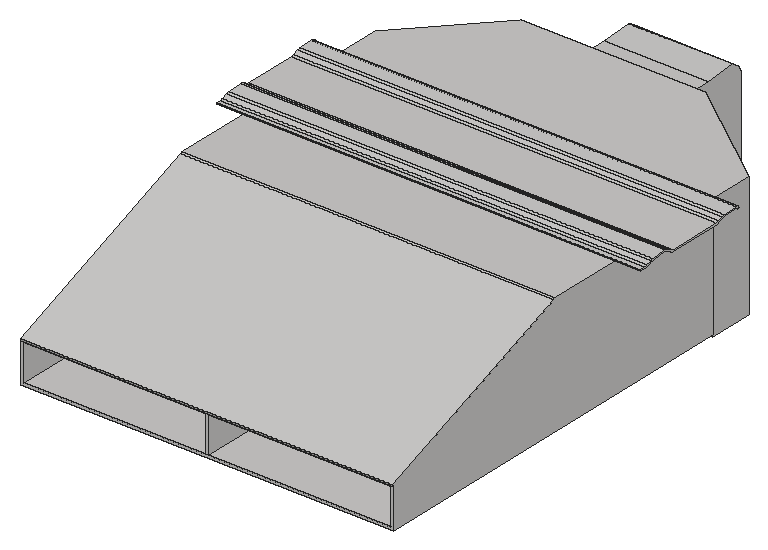
Revit family "HARMANN - INDUFLOW 250", category Mechanical Equipment, Revit 2022
Family settings
  Round Connector Dimension = Use Diameter
  Part Type = Normal
  OmniClass Number = 23.75.00.00
  OmniClass Title = Climate Control (HVAC)
  Work Plane-Based = No
  Always vertical = No
  Cut with Voids When Loaded = No
  Maintain Annotation Orientation = No
  Shared = No
  Room Calculation Point = No
Parameters (values of type "INDUFLOW 250 EC1")
  c = 81.00 mm
  b = 106.50 mm
  a = 74.50 mm
  Zasilanie natężenie maksymalne Imax = 1.4 A
  Zasilanie napięcie nominalne Unom = 230 V
  Zasilanie Rodzaj Sterowania = "Sterowanie napięciem 0-10V"
  Zasilanie Moc maksymalna Pmax = 168 W
  Zasilanie Częstotliwość Nominalna = 50 Hz
  Wyłącznik serwisowy = "AS"
  Temperatura maksymalna Tmax = 50 °C
  Siła ciągu F = 6.60 N
  Powietrze Przepływ Maksymalny Qmax = 980 m³/h
  Potencjometr = "MTP 10 / MTV-010/ MTP 40"
  Obroty maksymalne nmax = 2600.000 RPM
  N1 = 1 mm
  Manufacturer = "Harmann Polska Sp. z o.o."  # constant formula
  Lookup Table Name = "INDUFLOW_ 250 EC"
  K = size_lookup(Lookup Table Name, "K", 1.00 mm, N1)  # 578.00 mm
  Ilość faz = 1
  H = size_lookup(Lookup Table Name, "H", 1.00 mm, N1)  # 5.00 mm
  G = size_lookup(Lookup Table Name, "G", 1.00 mm, N1)  # 80.50 mm
  Numer artykułu = size_lookup(Lookup Table Name, "Numer artykułu", "n/a", N1)  # "16602800"
  Model = "INDUFLOW 250 EC"
  Masa = 6.50 kg
  F = size_lookup(Lookup Table Name, "F", 1.00 mm, N1)  # 407.00 mm
  EC3 = no
  EC1 i EC2 = not(EC3)  # yes
  Description = "Strumieniowy wentylator typu „jet” przeznaczony do pracy w systemach wentylacji bytowej garaży."
  Default Elevation = 0.00 mm
  E = size_lookup(Lookup Table Name, "E", 1.00 mm, N1)  # 383.00 mm
  Ciśnienie akustyczne nominalne Lpa = "60.0 dB(A)"
  C = size_lookup(Lookup Table Name, "C", 1.00 mm, N1)  # 121.00 mm
  B = size_lookup(Lookup Table Name, "B", 1.00 mm, N1)  # 357.00 mm
  Autor = "https://www.archispace.com/"
  A = size_lookup(Lookup Table Name, "A", 1.00 mm, N1)  # 507.00 mm
Types (4, lengths in mm): name | c | b | a | Zasilanie natężenie maksymalne Imax | Zasilanie Moc maksymalna Pmax | Siła ciągu F | Powietrze Przepływ Maksymalny Qmax | N1 | Numer artykułu | Masa | F | EC3 | EC1 i EC2 | E | Ciśnienie akustyczne nominalne Lpa | B
  (no name) | 81.00 | 106.50 | 74.50 | 1.4 A | 168 W | 6.60 N | 980 m³/h | 1 | "16602800" | 6.50 kg | 407.00 | no | yes | 383.00 | "60.0 dB(A)" | 357.00
  INDUFLOW 250 EC1 | 81.00 | 106.50 | 74.50 | 1.4 A | 168 W | 6.60 N | 980 m³/h | 1 | "16602800" | 6.50 kg | 407.00 | no | yes | 383.00 | "60.0 dB(A)" | 357.00
  INDUFLOW 250 EC2 | 95.00 | 96.50 | 106.50 | 2.7 A | 339 W | 13.00 N | 1930 m³/h | 2 | "16581800" | 12.30 kg | 752.00 | no | yes | 728.00 | "62.0 dB(A)" | 702.00
  INDUFLOW 250 EC3 | 95.00 | 96.50 | 106.50 | 4 A | 502 W | 13.00 N | 3020 m³/h | 3 | "16598500" | 18.30 kg | 1103.00 | yes | no | 1079.00 | "60.0 dB(A)" | 1053.00
Reference planes
  plane 1 "Center (Front/Back)": y = 0
  plane 2: z = 0
  plane 3 "Center (Left/Right)": x = 0
  plane 4: x = -203.5
  plane 5: x = 203.5
  plane 6: z = 121
  plane 7: y = -578
  plane 8: z = 39
  plane 9: x = -178.5
  plane 10: x = 178.5
  plane 11: x = -176
  plane 12: x = 176
  plane 13: y = -71
  plane 14: x = 50
  plane 15: x = -50
  plane 16: x = -244.5
  plane 17: x = 244.5
  plane 18: x = -104
  plane 19: x = 72
  plane 20: y = -152
  plane 21: y = -195
  plane 22: x = -170
  plane 23: x = 180
  plane 24: y = -20
Forms (mm)
  Sweep 1, solid, material "HARMANN - Stal Galwanizowana", detail levels medium+fine
    path origin (0, 0, 0) x (1, 0, 0) y (0, 1, 0)
      loop
        line (203.5, 0) -> (-203.5, 0)
    profile origin (0, 0, 0) x (0, -1, 0) y (0, 0, 1)
      loop
        line (311.767, 117.6) -> (309.14, 117.6) -> (306.767, 117.6)
        arc (306.767, 117.6) -> (305.475, 117.769) -> (304.269, 118.263) r 5.035
        line (304.269, 118.263) -> (299.322, 119.938)
        arc (299.322, 119.938) -> (298.118, 120.432) -> (296.827, 120.6) r 5.035
        line (296.827, 120.6) -> (283.001, 121.6)
        arc (283.001, 121.6) -> (281.452, 121.398) -> (280.007, 120.805) r 6.035
        line (280.007, 120.805) -> (275.56, 118.263)
        arc (275.56, 118.263) -> (274.354, 117.769) -> (273.062, 117.6) r 5.035
        line (273.062, 117.6) -> (221.267, 117.6)
        arc (221.267, 117.6) -> (219.975, 117.769) -> (218.769, 118.263) r 5.035
        line (218.769, 118.263) -> (213.825, 119.937)
        arc (213.825, 119.937) -> (212.619, 120.431) -> (211.327, 120.6) r 5.035
        line (211.327, 120.6) -> (197.464, 121.6)
        arc (197.464, 121.6) -> (195.838, 120.926) -> (195.164, 119.3) r 2.3
        line (195.164, 119.3) -> (196.164, 119.3)
        arc (196.164, 119.3) -> (196.534, 120.208) -> (197.433, 120.6) r 1.3
        line (197.433, 120.6) -> (211.314, 119.602)
        arc (211.314, 119.602) -> (212.397, 119.454) -> (213.401, 119.021) r 4.038
        line (213.401, 119.021) -> (218.361, 117.346)
        arc (218.361, 117.346) -> (219.767, 116.789) -> (221.267, 116.6) r 6.035
        line (221.267, 116.6) -> (273.062, 116.6)
        arc (273.062, 116.6) -> (274.611, 116.802) -> (276.056, 117.395) r 6.035
        line (276.056, 117.395) -> (280.503, 119.937)
        arc (280.503, 119.937) -> (281.692, 120.427) -> (282.967, 120.6) r 5.035
        line (282.967, 120.6) -> (296.793, 119.6)
        arc (296.793, 119.6) -> (297.889, 119.458) -> (298.905, 119.024) r 4.035
        line (298.905, 119.024) -> (303.861, 117.346)
        arc (303.861, 117.346) -> (305.267, 116.789) -> (306.767, 116.6) r 6.035
        line (306.767, 116.6) -> (308.767, 116.6) -> (311.767, 116.6) -> (311.767, 117.6)
  Extrusion 2, solid, material "HARMANN - Stal Galwanizowana", detail levels medium+fine
    sketch origin (0, 0, 0) x (1, 0, 0) y (0, 1, 0)
      loop
        line (-178.5, -195) -> (178.5, -195) -> (178.5, -152) -> (72, -71) -> (-104, -71) -> (-178.5, -152) -> (-178.5, -195)
    from 0 to 118
  Extrusion 3, solid, material "HARMANN - Stal Galwanizowana", detail levels medium+fine
    sketch origin (0, 0, 0) x (0, -1, 0) y (0, 0, -1)
      loop
        line (195.116, -115.9) -> (383.967, -115.9)
        arc (383.967, -115.9) -> (384.803, -115.727) -> (385.615, -115.462) r 7.669
        line (385.615, -115.462) -> (578.042, -41.151) -> (577.2, -38.971) -> (577.2, -1.3) -> (195.116, -1.3) -> (195.116, -115.9)
    from -178.5 to 178.5
  Extrusion 4, void
    sketch origin (0, 0, 0) x (0, -1, 0) y (0, 0, -1)
      loop
        line (577.214, -3.8) -> (197.616, -3.8) -> (197.616, -113.4) -> (384.014, -113.4) -> (577.214, -38.791) -> (577.214, -3.8)
    from -176 to 176
  Sweep 5, solid, material "HARMANN - Stal Galwanizowana", detail levels medium+fine
    path origin (0, 0, 0) x (1, 0, 0) y (0, 0, 1)
      loop
        line (50, 0) -> (-50, 0)
    profile origin (0, 0, 0) x (0, 0, -1) y (0, -1, 0)
      loop
        line (-105, 38.36) -> (-107.218, 9.469) -> (-103.395, 3.983) -> (-97.698, 0) -> (-12.502, 0) -> (-6.844, 3.979) -> (-2.887, 8.238) -> (-5, 35.755) -> (-5, 71) -> (-105, 71) -> (-105, 38.36)
  Sweep 6, solid, material "HARMANN - Stal Galwanizowana", visible <- "EC1 i EC2", detail levels medium+fine
    path origin (0, 0, 0) x (1, 0, 0) y (0, 1, 0)
      loop
        line (0, -528) -> (0, -577.2)
    profile origin (0, -552.6, 0) x (1, 0, 0) y (0, 0, 1)
      loop
        line (-1.25, 38.796) -> (-1.25, 3.8) -> (1.25, 3.8) -> (1.25, 38.796) -> (-1.25, 38.796)
  Sweep 7, solid, material "HARMANN - Stal Galwanizowana", visible <- "EC3", detail levels medium+fine
    path origin (-100, 0, 0) x (1, 0, 0) y (0, 1, 0)
      loop
        line (-144.5, -528) -> (-144.5, -577.2)
    profile origin (-244.5, -552.6, 0) x (1, 0, 0) y (0, 0, 1)
      loop
        line (1.25, 38.796) -> (-1.25, 38.796) -> (-1.25, 3.8) -> (1.25, 3.8) -> (1.25, 38.796)
  Sweep 8, solid, material "HARMANN - Stal Galwanizowana", visible <- "EC3", detail levels medium+fine
    path origin (389, 0, 0) x (1, 0, 0) y (0, 1, 0)
      loop
        line (-144.5, -528) -> (-144.5, -577.2)
    profile origin (244.5, -552.6, 0) x (1, 0, 0) y (0, 0, 1)
      loop
        line (1.25, 38.796) -> (-1.25, 38.796) -> (-1.25, 3.8) -> (1.25, 3.8) -> (1.25, 38.796)
  Extrusion 9, solid, material "HARMANN - Stal Galwanizowana", detail levels coarse
    sketch origin (0, 0, 0) x (0, -1, 0) y (0, 0, -1)
      loop
        line (0, -121) -> (371.274, -121) -> (578.042, -41.151) -> (577.2, -38.971) -> (577.2, 0) -> (0, 0) -> (0, -121)
    from -203.5 to 203.5
Cuts and joins
  Extrusion 4 cuts Extrusion 3
Dimensions and locks
  equal spacing: plane 10, plane 3 "Center (Left/Right)", plane 9
  "B": plane 10 to plane 9
  locked: plane 12 to plane 10 at 2.5
  locked: plane 9 to plane 11 at 2.5
  "K": plane 7 to plane 1 "Center (Front/Back)"
  "F": plane 4 to plane 5
  locked: plane 13 to plane 1 "Center (Front/Back)" at 71
  "C": plane 6 to level
  equal spacing: plane 4, plane 3 "Center (Left/Right)", plane 5
  locked: plane 6 to cut or joined group of Extrusion 3, Extrusion 4 at 5.1
  locked: plane 15 to plane 3 "Center (Left/Right)" at 50
  locked: plane 3 "Center (Left/Right)" to plane 14 at 50
  equal spacing: plane 16, plane 3 "Center (Left/Right)", plane 17
  "a": plane 9 to plane 18
  "b": plane 19 to plane 10
  "c": plane 20 to plane 13
  locked: plane 21 to plane 13 at 124
  equal spacing: Sweep 6 sketch curve, plane 3 "Center (Left/Right)", Sweep 6 sketch curve, locked at 1.25 each
  locked: plane 7 to Sweep 6 sketch curve at 0.8
  Sweep 6 sketch curve to Sweep 6 sketch curve = 49.20 mm
  plane 22 to plane 3 "Center (Left/Right)" to plane 23 = 170.00 mm locked, 180.00 mm locked
  Sweep 7 sketch curve to Sweep 7 sketch curve = 49.20 mm
  Sweep 8 sketch curve to Sweep 8 sketch curve = 49.20 mm
  plane 24 to plane 1 "Center (Front/Back)" = 20.00 mm
  aligned and locked: level to plane 2
  aligned and locked: Extrusion 4 to plane 11
  aligned and locked: plane 12 to Extrusion 4
  aligned and locked: plane 2 to Sweep 5 sketch curve
  aligned and locked: plane 14 to Sweep 5 sketch curve
  aligned and locked: plane 15 to Sweep 5 sketch curve
  aligned and locked: plane 1 "Center (Front/Back)" to Sweep 5 sketch curve
  aligned and locked: Sweep 5 sketch curve to plane 13
  aligned and locked: Extrusion 3 to plane 9
  aligned and locked: plane 10 to Extrusion 3
  aligned and locked: plane 18 to Extrusion 2 sketch curve
  aligned and locked: plane 19 to Extrusion 2 sketch curve
  aligned and locked: plane 20 to Extrusion 2 sketch curve  (x2)
  aligned and locked: Extrusion 2 to plane 21
  aligned and locked: Sweep 6 sketch curve to plane 3 "Center (Left/Right)"
  aligned and locked: Sweep 6 sketch curve to cut or joined group of Extrusion 3, Extrusion 4
  aligned and locked: cut or joined group of Extrusion 3, Extrusion 4 to Sweep 6 sketch curve
  aligned and locked: Sweep 7 sketch curve to plane 16
  aligned and locked: Extrusion 9 sketch curve to plane 1 "Center (Front/Back)"
  aligned and locked: plane 6 to Extrusion 9 sketch curve
  aligned and locked: Extrusion 9 to plane 4
  aligned and locked: plane 5 to Extrusion 9
Automatic sketch dimensions
  plane 1 "Center (Front/Back)" to Sweep 1 sketch curve = 0.00 mm
  Sweep 1 sketch curve to plane 4 = 0.00 mm
  Sweep 1 sketch curve to plane 5 = 0.00 mm
  Sweep 1 sketch curve to Sweep 1 sketch curve = 0.00 mm  (x12)
  Sweep 1 sketch curve to profile plane = 195.164 mm
  Sweep 1 sketch curve to Sweep 1 sketch curve = 1.00 mm  (x3)
  plane 2 to Sweep 1 sketch curve = 120.60 mm  (x2)
  Sweep 1 sketch curve to Sweep 1 sketch curve = 1.269 mm
  Sweep 1 sketch curve to Sweep 1 sketch curve = 1.30 mm
  Sweep 1 sketch curve to Sweep 1 sketch curve = 13.85 mm
  Sweep 1 sketch curve to Sweep 1 sketch curve = 0.013 mm
  plane 2 to Sweep 1 sketch curve = 119.021 mm
  Sweep 1 sketch curve to Sweep 1 sketch curve = 2.087 mm
  Sweep 1 sketch curve to Sweep 1 sketch curve = 0.425 mm
  Sweep 1 sketch curve to Sweep 1 sketch curve = 4.536 mm
  Sweep 1 sketch curve to Sweep 1 sketch curve = 0.408 mm  (x2)
  Sweep 1 sketch curve to Sweep 1 sketch curve = 2.498 mm  (x4)
  Sweep 1 sketch curve to Sweep 1 sketch curve = 51.795 mm
  plane 2 to Sweep 1 sketch curve = 117.395 mm
  Sweep 1 sketch curve to Sweep 1 sketch curve = 0.496 mm  (x2)
  plane 2 to Sweep 1 sketch curve = 120.805 mm
  Sweep 1 sketch curve to Sweep 1 sketch curve = 4.448 mm
  plane 2 to Sweep 1 sketch curve = 119.937 mm
  Sweep 1 sketch curve to Sweep 1 sketch curve = 2.464 mm
  plane 2 to Sweep 1 sketch curve = 119.60 mm
  Sweep 1 sketch curve to Sweep 1 sketch curve = 13.826 mm
  Sweep 1 sketch curve to Sweep 1 sketch curve = 0.034 mm
  plane 2 to Sweep 1 sketch curve = 119.024 mm
  Sweep 1 sketch curve to Sweep 1 sketch curve = 2.112 mm
  plane 2 to Sweep 1 sketch curve = 119.938 mm
  Sweep 1 sketch curve to Sweep 1 sketch curve = 0.417 mm
  plane 2 to Sweep 1 sketch curve = 117.346 mm
  Sweep 1 sketch curve to Sweep 1 sketch curve = 4.539 mm
  Sweep 1 sketch curve to Sweep 1 sketch curve = 2.00 mm
  Sweep 1 sketch curve to Sweep 1 sketch curve = 0.373 mm
  Sweep 1 sketch curve to Sweep 1 sketch curve = 2.627 mm
  Sweep 1 sketch curve to Sweep 1 sketch curve = 3.457 mm
  Sweep 1 sketch curve to Sweep 1 sketch curve = 0.001 mm
  Sweep 1 sketch curve to Sweep 1 sketch curve = 0.746 mm  (x2)
  Sweep 1 sketch curve to Sweep 1 sketch curve = 0.795 mm
  Sweep 1 sketch curve to Sweep 1 sketch curve = 0.916 mm
  Extrusion 2 sketch curve to plane 9 = 0.00 mm
  Extrusion 2 sketch curve to plane 10 = 0.00 mm
  Extrusion 2 sketch curve to plane 21 = 0.00 mm
  plane 13 to Extrusion 2 sketch curve = 0.00 mm
  Extrusion 3 sketch curve to plane 21 = 0.116 mm
  Extrusion 3 sketch curve to plane 6 = 12.685 mm
  Extrusion 3 sketch curve to plane 21 = 187.833 mm
  Extrusion 3 sketch curve to Extrusion 3 sketch curve = 1.133 mm
  Extrusion 3 sketch curve to plane 6 = 5.538 mm
  Extrusion 3 sketch curve to Extrusion 3 sketch curve = 1.649 mm
  plane 8 to Extrusion 3 sketch curve = 0.029 mm
  Extrusion 3 sketch curve to plane 7 = 0.80 mm
  plane 7 to Extrusion 3 sketch curve = 0.042 mm
  level to Extrusion 3 sketch curve = 1.30 mm
  Extrusion 4 sketch curve to plane 21 = 2.616 mm
  Extrusion 4 sketch curve to plane 6 = 7.60 mm
  Extrusion 4 sketch curve to Extrusion 4 sketch curve = 186.399 mm
  plane 8 to Extrusion 4 sketch curve = 0.209 mm
  Extrusion 4 sketch curve to plane 7 = 0.786 mm
  level to Extrusion 4 sketch curve = 3.80 mm
  plane 1 "Center (Front/Back)" to Sweep 5 sketch curve = 9.469 mm
  profile plane to Sweep 5 sketch curve = 107.218 mm
  Sweep 5 sketch curve to Sweep 5 sketch curve = 2.218 mm
  plane 1 "Center (Front/Back)" to Sweep 5 sketch curve = 3.983 mm
  Sweep 5 sketch curve to Sweep 5 sketch curve = 3.823 mm
  Sweep 5 sketch curve to Sweep 5 sketch curve = 5.696 mm
  profile plane to Sweep 5 sketch curve = 12.502 mm
  profile plane to Sweep 5 sketch curve = 6.844 mm
  profile plane to Sweep 5 sketch curve = 5.00 mm
  profile plane to Sweep 5 sketch curve = 2.887 mm
  plane 1 "Center (Front/Back)" to Sweep 5 sketch curve = 3.979 mm
  Sweep 5 sketch curve to Sweep 5 sketch curve = 4.259 mm
  Sweep 5 sketch curve to Sweep 5 sketch curve = 27.517 mm
  Sweep 5 sketch curve to Sweep 5 sketch curve = 28.891 mm
  profile plane to Sweep 6 sketch curve = 1.25 mm
  Sweep 7 sketch curve to plane 7 = 0.80 mm
  profile plane to Sweep 7 sketch curve = 1.25 mm
  Sweep 7 sketch curve to profile plane = 1.25 mm
  plane 2 to Sweep 7 sketch curve = 3.80 mm
  Sweep 7 sketch curve to Sweep 7 sketch curve = 34.996 mm
  Sweep 8 sketch curve to plane 17 = 0.00 mm
  Sweep 8 sketch curve to plane 7 = 0.80 mm
  profile plane to Sweep 8 sketch curve = 1.25 mm
  Sweep 8 sketch curve to profile plane = 1.25 mm
  plane 2 to Sweep 8 sketch curve = 3.80 mm
  Sweep 8 sketch curve to Sweep 8 sketch curve = 34.996 mm
  plane 8 to Extrusion 9 sketch curve = 0.029 mm
  Extrusion 9 sketch curve to plane 7 = 0.80 mm
  plane 7 to Extrusion 9 sketch curve = 0.042 mm
  level to Extrusion 9 sketch curve = 0.00 mm
  Extrusion 9 sketch curve to plane 21 = 176.274 mm
Connectors
  electrical at (0, -54.68, 105), driven by "Ilość faz", driven by "Zasilanie napięcie nominalne Unom", driven by "Zasilanie Moc maksymalna Pmax"
    settings: on Sweep 5, index 1, voltage 230 V, apparent load 0 VA, apparent load phase1 168 VA, apparent load phase2 0 VA, apparent load phase3 0 VA, power factor 1, load classification "Other", number of poles 1, system type 31, power factor state 1, is connector primary yes, connector utility no, sub classification motor no, connector description ""
